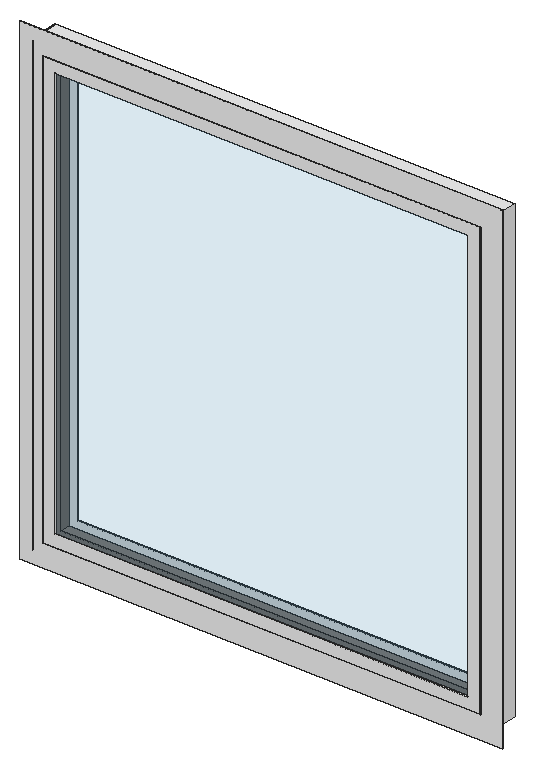
Revit family "Casement_38_D_Top_Hung_Custom", category Windows, host Wall, Revit 2014
Parameters (values of type "Casement_Sash_DG")
  Width Sash [instance] = 30 mm
  Width Sash Inner = 15 mm
  Width Bead = 15 mm
  Top Hung [instance] = yes
  Side Hung Right [instance] = yes
  Side Hung Left [instance] = yes
  Sash Opening Width [instance] = 600 mm
  Sash Opening Height [instance] = 600.312 mm
  Sash Lip = 15 mm
  Glazing Material [instance] = Glass
  DG Start Piece 2 [instance] = DG End Piece 1 + DG Gasket Thickness  # 25 mm
  DG Start Peice 1 [instance] = (Depth Sash - (2 * DG Glazing Thickness) - DG Gasket Thickness) / 2  # 6.6 mm
  Glazing Offset = 5 mm
  DG Glazing Thickness [instance] = 6.4 mm
  DG Gasket Thickness = 12 mm  # constant formula
  DG Gasket Material [instance] = Double Glazing Gasket Material
  DG End Piece 2 [instance] = DG Start Piece 2 + DG Glazing Thickness  # 31.4 mm
  DG End Piece 1 [instance] = DG Start Peice 1 + DG Glazing Thickness  # 13 mm
  Depth Sash [instance] = 38 mm
  Center Vertical Sash [instance] = Sash Opening Height / 2  # 300.156 mm
  Center Horizontal Sash [instance] = Sash Opening Width / 2  # 300 mm
  Bottom Hung [instance] = yes
  Bead Offset = 15 mm
  Aluminium Thickness = 1 mm
  Aluminium Material [instance] = White Powder Coated Aluminium
Reference planes
  plane 1 "Center (Front/Back)": y = 0
  plane 2: z = 0
  plane 3 "Center (Left/Right)": x = 0
Forms (mm)
  Sweep 1, solid, material "White Powder Coated Aluminium" <- "Aluminium Material"
    path origin (16.177, 0, 121.331) x (1, 0, 0) y (0, 0, 1)
      loop
        line (0, 0) -> (600, 0) -> (600, 600.312) -> (0, 600.312) -> (0, 0)
    profile origin (316.177, 0, 121.331) x (0, 0, 1) y (0, -1, 0)
      loop
        line (0, 0) -> (30, 0) -> (30, 1) -> (15, 1) -> (15, 38) -> (-15, 38) -> (-15, 37) -> (0, 37) -> (0, 0)
      loop
        line (14, 1) -> (14, 37) -> (1, 37) -> (1, 1) -> (14, 1)
  Sweep 2, solid, material "White Powder Coated Aluminium" <- "Aluminium Material"
    path origin (0, 0, 0) x (1, 0, 0) y (0, 0, 1)
      loop
        line (31.177, 706.643) -> (31.177, 136.331) -> (601.177, 136.331) -> (601.177, 706.643) -> (31.177, 706.643)
    profile origin (316.177, 0, 706.643) x (0, 0, 1) y (0, -1, 0)
      loop
        line (0, 37) -> (0, 38) -> (-15, 38) -> (-15, 37) -> (0, 37)
  Extrusion 3, solid, material "Glass" <- "Glazing Material"
    sketch origin (0, 0, 0) x (1, 0, 0) y (0, 0, 1)
      loop
        line (36.177, 701.643) -> (36.177, 141.331) -> (596.177, 141.331) -> (596.177, 701.643) -> (36.177, 701.643)
    from 6.6 <- "DG Start Peice 1" to 13 <- "DG End Piece 1"
  Extrusion 4, solid, material "Glass" <- "Glazing Material"
    sketch origin (0, 0, 0) x (1, 0, 0) y (0, 0, 1)
      loop
        line (36.177, 701.643) -> (36.177, 141.331) -> (596.177, 141.331) -> (596.177, 701.643) -> (36.177, 701.643)
    from 31.4 <- "DG End Piece 2" to 25 <- "DG Start Piece 2"
  Sweep 5, solid, material "Double Glazing Gasket Material" <- "DG Gasket Material"
    path origin (0, -13, 0) x (1, 0, 0) y (0, 0, 1)
      loop
        line (36.177, 701.643) -> (36.177, 141.331) -> (596.177, 141.331) -> (596.177, 701.643) -> (36.177, 701.643)
    profile origin (316.177, -13, 701.643) x (0, 0, 1) y (0, -1, 0)
      loop
        line (0, 0) -> (0, 12) -> (-7.96, 12) -> (-7.96, 0) -> (0, 0)
Lines and regions (mm)
  model lines
    curve 1: line (1.177, -38, 736.643) -> (31.177, -38, 706.643)
    curve 2: line (601.177, -38, 706.643) -> (631.177, -38, 736.643)
    curve 3: line (601.177, -38, 136.331) -> (631.177, -38, 106.331)
    curve 4: line (1.177, -38, 106.331) -> (31.177, -38, 136.331)
    curve 5: line (631.177, -37, 736.643) -> (616.177, -37, 721.643)
    curve 6: line (1.177, -37, 736.643) -> (16.177, -37, 721.643)
    curve 7: line (1.177, -37, 106.331) -> (16.177, -37, 121.331)
    curve 8: line (631.177, -37, 106.331) -> (616.177, -37, 121.331)
    curve 9: line (616.177, 0, 121.331) -> (586.177, 0, 151.331)
    curve 10: line (46.177, 0, 151.331) -> (16.177, 0, 121.331)
    curve 11: line (616.177, 0, 721.643) -> (586.177, 0, 691.643)
    curve 12: line (46.177, 0, 691.643) -> (16.177, 0, 721.643)
    curve 13: line (31.177, -38, 691.643) -> (46.177, -38, 691.643)
    curve 14: line (586.177, -38, 691.643) -> (601.177, -38, 691.643)
    curve 15: line (586.177, -38, 151.331) -> (601.177, -38, 151.331)
    curve 16: line (31.177, -38, 151.331) -> (46.177, -38, 151.331)
  model lines, style "GenericModelHiddenLines", visible <- "Top Hung"
    curve 17: line (46.386, -31.4, 690.914) -> (316.177, -31.4, 151.331)
    curve 18: line (316.177, -31.4, 151.331) -> (586.177, -31.4, 691.331)
  model lines, style "GenericModelHiddenLines", visible <- "Bottom Hung"
    curve 19: line (46.177, -31.4, 151.331) -> (316.177, -31.4, 691.331)
    curve 20: line (316.177, -31.4, 691.331) -> (586.177, -31.4, 151.331)
  model lines, style "GenericModelHiddenLines", visible <- "Side Hung Left"
    curve 21: line (46.386, -31.4, 690.914) -> (585.24, -31.4, 421.487)
    curve 22: line (585.24, -31.4, 421.487) -> (46.177, -31.4, 151.331)
  model lines, style "GenericModelHiddenLines", visible <- "Side Hung Right"
    curve 23: line (586.177, -31.4, 691.331) -> (46.177, -31.4, 421.487)
    curve 24: line (46.177, -31.4, 421.487) -> (586.177, -31.4, 151.331)
Dimensions and locks
  "Aluminium Thickness": Sweep 1 sketch curve to Sweep 1 sketch curve  (x4)
  "Depth Sash": Sweep 1 sketch curve to Sweep 1 sketch curve
  "Sash Opening Width": Sweep 1 to Sweep 1
  "Sash Opening Height": Sweep 1 to Sweep 1
  "Width Sash": Sweep 1 sketch curve to Sweep 1 sketch curve  (x2)
  "Width Sash Inner": Sweep 1 sketch curve to Sweep 1 sketch curve
  "Sash Lip": Sweep 1 sketch curve to Sweep 1 sketch curve
  "Aluminium Thickness": Sweep 1 to Sweep 2 sketch curve
  "Glazing Offset": Sweep 2 to Extrusion 3 sketch curve  (x3)
  "Glazing Offset": Extrusion 3 sketch curve to Sweep 2
  Sweep 1 to Sweep 1 = 1 mm
  "Aluminium Thickness": Sweep 2 sketch curve to Sweep 2 sketch curve
  "Width Bead": Sweep 2 sketch curve to Sweep 2 sketch curve
  locked: Sweep 5 sketch curve to Sweep 5 sketch curve at 7.96
  "Center Horizontal Sash": Sweep 1 to curve 18
  "Center Horizontal Sash": Sweep 1 to curve 20
  "Center Vertical Sash": Sweep 1 to curve 22
  "Center Vertical Sash": Sweep 1 to curve 24
  aligned and locked: level to plane 2
  aligned and locked: Sweep 1 sketch curve to Sweep 1 sketch curve  (x2)
  aligned and locked: Sweep 2 sketch curve to Sweep 1  (x5)
  aligned and locked: Extrusion 4 sketch curve to Extrusion 3  (x4)
  aligned and locked: Sweep 5 sketch curve to Extrusion 3  (x5)
  aligned and locked: Extrusion 3 to Sweep 5 sketch curve
Automatic sketch dimensions
  plane 3 "Center (Left/Right)" to Sweep 1 sketch curve = 16.177 mm
  level to Sweep 1 sketch curve = 121.331 mm
  plane 3 "Center (Left/Right)" to Sweep 1 sketch curve = 616.177 mm
  level to Sweep 1 sketch curve = 721.643 mm
  profile plane to Sweep 5 sketch curve = 12 mm
  curve 7 to Sweep 1 = 0 mm  (x4)
  curve 6 to Sweep 1 = 0 mm  (x3)
  Sweep 1 to curve 6 = 0 mm
  curve 5 to Sweep 1 = 0 mm  (x3)
  curve 8 to Sweep 1 = 0 mm  (x4)
  Sweep 1 to curve 5 = 0 mm
  curve 16 to Sweep 2 = 0 mm  (x3)
  curve 13 to Sweep 2 = 0 mm  (x3)
  curve 15 to Sweep 2 = 0 mm
  Sweep 2 to curve 15 = 0 mm  (x2)
  curve 14 to Sweep 2 = 0 mm  (x2)
  Sweep 2 to curve 14 = 0 mm
  curve 1 to Sweep 1 = 0 mm  (x4)
  curve 4 to Sweep 1 = 0 mm  (x3)
  Sweep 1 to curve 4 = 0 mm
  curve 3 to Sweep 1 = 0 mm  (x3)
  curve 2 to Sweep 1 = 0 mm  (x4)
  Sweep 1 to curve 3 = 0 mm
  curve 10 to Sweep 1 = 0 mm  (x4)
  curve 12 to Sweep 1 = 0 mm  (x3)
  Sweep 1 to curve 12 = 0 mm
  curve 9 to Sweep 1 = 0 mm  (x4)
  curve 11 to Sweep 1 = 0 mm  (x3)
  Sweep 1 to curve 11 = 0 mm
  Sweep 1 sketch curve to plane 1 "Center (Front/Back)" = 0 mm
  profile plane to Sweep 1 sketch curve = 0 mm
  curve 21 to Extrusion 4 = 10.208 mm
  curve 19 to Extrusion 4 = 10 mm
  curve 23 to Extrusion 4 = 10 mm  (x2)
  curve 22 to Extrusion 4 = 10.937 mm
  curve 20 to Extrusion 4 = 10 mm
  curve 24 to Extrusion 4 = 10 mm
  curve 22 to Extrusion 4 = 10 mm
  curve 18 to Extrusion 4 = 10 mm
  curve 21 to Extrusion 4 = 10.729 mm
  curve 19 to Extrusion 4 = 10.312 mm
  curve 18 to Extrusion 4 = 10.312 mm
